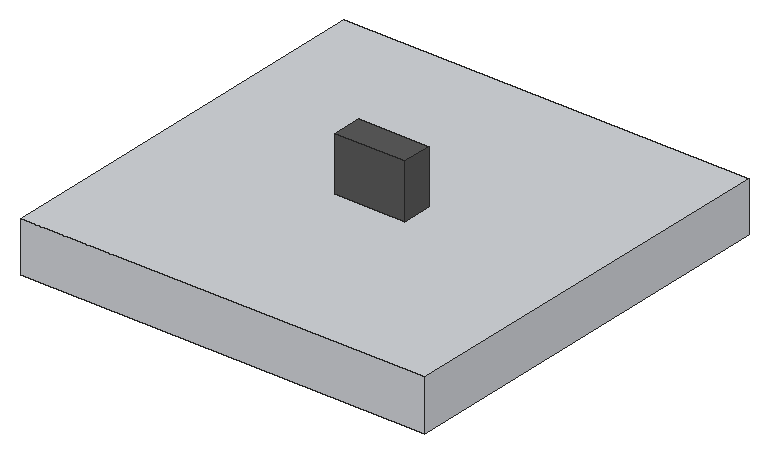
Revit family "2020.08.13", category Устройства связи, Revit 2018 (continued)
Definition of nested family "videomax_minitower"
  Lines and regions (mm)
    model lines, visible <- "Left_500", detail levels fine
      curve 1252: circle (371.93, 34.316, 0) r 1.91 normal (0, 0, 1)
      curve 1253: circle (376.044, 30.572, 0) r 1.91 normal (0, 0, 1)
      curve 1254: circle (371.93, 27.176, 0) r 1.91 normal (0, 0, 1)
      curve 1255: circle (384.48, 65.432, 0) r 1.91 normal (0, 0, 1)
      curve 1256: circle (380.366, 62.036, 0) r 1.91 normal (0, 0, 1)
      curve 1257: circle (384.48, 58.292, 0) r 1.91 normal (0, 0, 1)
      curve 1258: circle (380.366, 54.897, 0) r 1.91 normal (0, 0, 1)
      curve 1259: circle (384.48, 51.473, 0) r 1.91 normal (0, 0, 1)
      curve 1260: circle (380.366, 48.078, 0) r 1.91 normal (0, 0, 1)
      curve 1261: circle (384.48, 44.334, 0) r 1.91 normal (0, 0, 1)
      curve 1262: circle (380.366, 40.938, 0) r 1.91 normal (0, 0, 1)
      curve 1263: circle (384.48, 37.515, 0) r 1.91 normal (0, 0, 1)
      curve 1264: circle (380.366, 34.363, 0) r 1.91 normal (0, 0, 1)
      curve 1265: circle (384.48, 30.619, 0) r 1.91 normal (0, 0, 1)
      curve 1266: circle (380.366, 27.223, 0) r 1.91 normal (0, 0, 1)
      curve 1267: circle (392.707, 65.338, 0) r 1.91 normal (0, 0, 1)
      curve 1268: circle (388.594, 61.942, 0) r 1.91 normal (0, 0, 1)
      curve 1269: circle (392.707, 58.198, 0) r 1.91 normal (0, 0, 1)
      curve 1270: circle (388.594, 54.802, 0) r 1.91 normal (0, 0, 1)
      curve 1271: circle (392.707, 51.379, 0) r 1.91 normal (0, 0, 1)
      curve 1272: circle (388.594, 47.983, 0) r 1.91 normal (0, 0, 1)
      curve 1273: circle (392.707, 44.239, 0) r 1.91 normal (0, 0, 1)
      curve 1274: circle (388.594, 40.844, 0) r 1.91 normal (0, 0, 1)
      curve 1275: circle (392.707, 37.42, 0) r 1.91 normal (0, 0, 1)
      curve 1276: circle (388.594, 34.269, 0) r 1.91 normal (0, 0, 1)
      curve 1277: circle (392.707, 30.525, 0) r 1.91 normal (0, 0, 1)
      curve 1278: circle (388.594, 27.129, 0) r 1.91 normal (0, 0, 1)
      curve 1279: circle (400.935, 65.526, 0) r 1.91 normal (0, 0, 1)
      curve 1280: circle (396.821, 62.131, 0) r 1.91 normal (0, 0, 1)
      curve 1281: circle (400.935, 58.387, 0) r 1.91 normal (0, 0, 1)
      curve 1282: circle (396.821, 54.991, 0) r 1.91 normal (0, 0, 1)
      curve 1283: circle (400.935, 51.568, 0) r 1.91 normal (0, 0, 1)
      curve 1284: circle (396.821, 48.172, 0) r 1.91 normal (0, 0, 1)
      curve 1285: circle (400.935, 44.428, 0) r 1.91 normal (0, 0, 1)
      curve 1286: circle (396.821, 41.032, 0) r 1.91 normal (0, 0, 1)
      curve 1287: circle (400.935, 37.609, 0) r 1.91 normal (0, 0, 1)
      curve 1288: circle (396.821, 34.457, 0) r 1.91 normal (0, 0, 1)
      curve 1289: circle (400.935, 30.714, 0) r 1.91 normal (0, 0, 1)
      curve 1290: circle (396.821, 27.318, 0) r 1.91 normal (0, 0, 1)
      curve 1291: circle (409.162, 65.291, 0) r 1.91 normal (0, 0, 1)
      curve 1292: circle (405.049, 61.895, 0) r 1.91 normal (0, 0, 1)
      curve 1293: circle (409.162, 58.151, 0) r 1.91 normal (0, 0, 1)
      curve 1294: circle (405.049, 54.755, 0) r 1.91 normal (0, 0, 1)
      curve 1295: circle (409.162, 51.332, 0) r 1.91 normal (0, 0, 1)
      curve 1296: circle (405.049, 47.936, 0) r 1.91 normal (0, 0, 1)
      curve 1297: circle (409.162, 44.192, 0) r 1.91 normal (0, 0, 1)
      curve 1298: circle (405.049, 40.796, 0) r 1.91 normal (0, 0, 1)
      curve 1299: circle (409.162, 37.373, 0) r 1.91 normal (0, 0, 1)
      curve 1300: circle (405.049, 34.221, 0) r 1.91 normal (0, 0, 1)
      curve 1301: circle (409.162, 30.478, 0) r 1.91 normal (0, 0, 1)
      curve 1302: circle (405.049, 27.082, 0) r 1.91 normal (0, 0, 1)
      curve 1303: circle (417.39, 65.432, 0) r 1.91 normal (0, 0, 1)
      curve 1304: circle (413.276, 62.036, 0) r 1.91 normal (0, 0, 1)
      curve 1305: circle (417.39, 58.292, 0) r 1.91 normal (0, 0, 1)
      curve 1306: circle (413.276, 54.897, 0) r 1.91 normal (0, 0, 1)
      curve 1307: circle (417.39, 51.473, 0) r 1.91 normal (0, 0, 1)
      curve 1308: circle (413.276, 48.078, 0) r 1.91 normal (0, 0, 1)
      curve 1309: circle (417.39, 44.334, 0) r 1.91 normal (0, 0, 1)
      curve 1310: circle (413.276, 40.938, 0) r 1.91 normal (0, 0, 1)
      curve 1311: circle (417.39, 37.515, 0) r 1.91 normal (0, 0, 1)
      curve 1312: circle (413.276, 34.363, 0) r 1.91 normal (0, 0, 1)
      curve 1313: circle (417.39, 30.619, 0) r 1.91 normal (0, 0, 1)
      curve 1314: circle (413.276, 27.223, 0) r 1.91 normal (0, 0, 1)
      curve 1315: circle (425.617, 65.338, 0) r 1.91 normal (0, 0, 1)
      curve 1316: circle (421.503, 61.942, 0) r 1.91 normal (0, 0, 1)
      curve 1317: circle (425.617, 58.198, 0) r 1.91 normal (0, 0, 1)
      curve 1318: circle (421.503, 54.802, 0) r 1.91 normal (0, 0, 1)
      curve 1319: circle (425.617, 51.379, 0) r 1.91 normal (0, 0, 1)
      curve 1320: circle (421.503, 47.983, 0) r 1.91 normal (0, 0, 1)
      curve 1321: circle (425.617, 44.239, 0) r 1.91 normal (0, 0, 1)
      curve 1322: circle (421.503, 40.844, 0) r 1.91 normal (0, 0, 1)
      curve 1323: circle (425.617, 37.42, 0) r 1.91 normal (0, 0, 1)
      curve 1324: circle (421.503, 34.269, 0) r 1.91 normal (0, 0, 1)
      curve 1325: circle (425.617, 30.525, 0) r 1.91 normal (0, 0, 1)
      curve 1326: circle (421.503, 27.129, 0) r 1.91 normal (0, 0, 1)
      curve 1327: circle (433.798, 65.385, 0) r 1.91 normal (0, 0, 1)
      curve 1328: circle (429.684, 61.989, 0) r 1.91 normal (0, 0, 1)
      curve 1329: circle (433.798, 58.245, 0) r 1.91 normal (0, 0, 1)
      curve 1330: circle (429.684, 54.849, 0) r 1.91 normal (0, 0, 1)
      curve 1331: circle (433.798, 51.426, 0) r 1.91 normal (0, 0, 1)
      curve 1332: circle (429.684, 48.03, 0) r 1.91 normal (0, 0, 1)
      curve 1333: circle (433.798, 44.287, 0) r 1.91 normal (0, 0, 1)
      curve 1334: circle (429.684, 40.891, 0) r 1.91 normal (0, 0, 1)
      curve 1335: circle (433.798, 37.467, 0) r 1.91 normal (0, 0, 1)
      curve 1336: circle (429.684, 34.316, 0) r 1.91 normal (0, 0, 1)
      curve 1337: circle (433.798, 30.572, 0) r 1.91 normal (0, 0, 1)
      curve 1338: circle (429.684, 27.176, 0) r 1.91 normal (0, 0, 1)
      curve 1339: circle (442.026, 65.291, 0) r 1.91 normal (0, 0, 1)
      curve 1340: circle (437.912, 61.895, 0) r 1.91 normal (0, 0, 1)
      curve 1341: circle (442.026, 58.151, 0) r 1.91 normal (0, 0, 1)
      curve 1342: circle (437.912, 54.755, 0) r 1.91 normal (0, 0, 1)
      curve 1343: circle (442.026, 51.332, 0) r 1.91 normal (0, 0, 1)
      curve 1344: circle (437.912, 47.936, 0) r 1.91 normal (0, 0, 1)
      curve 1345: circle (442.026, 44.192, 0) r 1.91 normal (0, 0, 1)
      curve 1346: circle (437.912, 40.796, 0) r 1.91 normal (0, 0, 1)
      curve 1347: circle (442.026, 37.373, 0) r 1.91 normal (0, 0, 1)
      curve 1348: circle (437.912, 34.221, 0) r 1.91 normal (0, 0, 1)
      curve 1349: circle (442.026, 30.478, 0) r 1.91 normal (0, 0, 1)
      curve 1350: circle (437.912, 27.082, 0) r 1.91 normal (0, 0, 1)
      curve 1351: circle (450.253, 65.479, 0) r 1.91 normal (0, 0, 1)
      curve 1352: circle (446.139, 62.083, 0) r 1.91 normal (0, 0, 1)
      curve 1353: circle (450.253, 58.34, 0) r 1.91 normal (0, 0, 1)
      curve 1354: circle (446.139, 54.944, 0) r 1.91 normal (0, 0, 1)
      curve 1355: circle (450.253, 51.521, 0) r 1.91 normal (0, 0, 1)
      curve 1356: circle (446.139, 48.125, 0) r 1.91 normal (0, 0, 1)
      curve 1357: circle (450.253, 44.381, 0) r 1.91 normal (0, 0, 1)
      curve 1358: circle (446.139, 40.985, 0) r 1.91 normal (0, 0, 1)
      curve 1359: circle (450.253, 37.562, 0) r 1.91 normal (0, 0, 1)
      curve 1360: circle (446.139, 34.41, 0) r 1.91 normal (0, 0, 1)
      curve 1361: circle (450.253, 30.666, 0) r 1.91 normal (0, 0, 1)
      curve 1362: circle (446.139, 27.271, 0) r 1.91 normal (0, 0, 1)
      curve 1363: circle (458.481, 65.243, 0) r 1.91 normal (0, 0, 1)
      curve 1364: circle (454.367, 61.848, 0) r 1.91 normal (0, 0, 1)
      curve 1365: circle (458.481, 58.104, 0) r 1.91 normal (0, 0, 1)
      curve 1366: circle (454.367, 54.708, 0) r 1.91 normal (0, 0, 1)
      curve 1367: circle (458.481, 51.285, 0) r 1.91 normal (0, 0, 1)
      curve 1368: circle (454.367, 47.889, 0) r 1.91 normal (0, 0, 1)
      curve 1369: circle (458.481, 44.145, 0) r 1.91 normal (0, 0, 1)
      curve 1370: circle (454.367, 40.749, 0) r 1.91 normal (0, 0, 1)
      curve 1371: circle (458.481, 37.326, 0) r 1.91 normal (0, 0, 1)
      curve 1372: circle (454.367, 34.174, 0) r 1.91 normal (0, 0, 1)
      curve 1373: circle (458.481, 30.43, 0) r 1.91 normal (0, 0, 1)
      curve 1374: circle (454.367, 27.035, 0) r 1.91 normal (0, 0, 1)
      curve 1375: circle (466.708, 65.385, 0) r 1.91 normal (0, 0, 1)
      curve 1376: circle (462.594, 61.989, 0) r 1.91 normal (0, 0, 1)
      curve 1377: circle (466.708, 58.245, 0) r 1.91 normal (0, 0, 1)
      curve 1378: circle (462.594, 54.849, 0) r 1.91 normal (0, 0, 1)
      curve 1379: circle (466.708, 51.426, 0) r 1.91 normal (0, 0, 1)
      curve 1380: circle (462.594, 48.03, 0) r 1.91 normal (0, 0, 1)
      curve 1381: circle (466.708, 44.287, 0) r 1.91 normal (0, 0, 1)
      curve 1382: circle (462.594, 40.891, 0) r 1.91 normal (0, 0, 1)
      curve 1383: circle (466.708, 37.467, 0) r 1.91 normal (0, 0, 1)
      curve 1384: circle (462.594, 34.316, 0) r 1.91 normal (0, 0, 1)
      curve 1385: circle (466.708, 30.572, 0) r 1.91 normal (0, 0, 1)
      curve 1386: circle (462.594, 27.176, 0) r 1.91 normal (0, 0, 1)
      curve 1387: circle (474.935, 65.291, 0) r 1.91 normal (0, 0, 1)
      curve 1388: circle (470.822, 61.895, 0) r 1.91 normal (0, 0, 1)
      curve 1389: circle (474.935, 58.151, 0) r 1.91 normal (0, 0, 1)
      curve 1390: circle (470.822, 54.755, 0) r 1.91 normal (0, 0, 1)
      curve 1391: circle (474.935, 51.332, 0) r 1.91 normal (0, 0, 1)
      curve 1392: circle (470.822, 47.936, 0) r 1.91 normal (0, 0, 1)
      curve 1393: circle (474.935, 44.192, 0) r 1.91 normal (0, 0, 1)
      curve 1394: circle (470.822, 40.796, 0) r 1.91 normal (0, 0, 1)
      curve 1395: circle (474.935, 37.373, 0) r 1.91 normal (0, 0, 1)
      curve 1396: circle (470.822, 34.221, 0) r 1.91 normal (0, 0, 1)
      curve 1397: circle (474.935, 30.478, 0) r 1.91 normal (0, 0, 1)
      curve 1398: circle (470.822, 27.082, 0) r 1.91 normal (0, 0, 1)
      curve 1399: circle (483.163, 65.479, 0) r 1.91 normal (0, 0, 1)
      curve 1400: circle (479.049, 62.083, 0) r 1.91 normal (0, 0, 1)
      curve 1401: circle (483.163, 58.34, 0) r 1.91 normal (0, 0, 1)
      curve 1402: circle (479.049, 54.944, 0) r 1.91 normal (0, 0, 1)
      curve 1403: circle (483.163, 51.52, 0) r 1.91 normal (0, 0, 1)
      curve 1404: circle (479.049, 48.125, 0) r 1.91 normal (0, 0, 1)
      curve 1405: circle (483.163, 44.381, 0) r 1.91 normal (0, 0, 1)
      curve 1406: circle (479.049, 40.985, 0) r 1.91 normal (0, 0, 1)
      curve 1407: circle (483.163, 37.562, 0) r 1.91 normal (0, 0, 1)
      curve 1408: circle (479.049, 34.41, 0) r 1.91 normal (0, 0, 1)
      curve 1409: circle (483.163, 30.666, 0) r 1.91 normal (0, 0, 1)
      curve 1410: circle (479.049, 27.27, 0) r 1.91 normal (0, 0, 1)
      curve 1411: circle (491.39, 65.385, 0) r 1.91 normal (0, 0, 1)
      curve 1412: circle (487.277, 61.989, 0) r 1.91 normal (0, 0, 1)
      curve 1413: circle (491.39, 58.245, 0) r 1.91 normal (0, 0, 1)
      curve 1414: circle (487.277, 54.849, 0) r 1.91 normal (0, 0, 1)
      curve 1415: circle (491.39, 51.426, 0) r 1.91 normal (0, 0, 1)
      curve 1416: circle (487.277, 48.03, 0) r 1.91 normal (0, 0, 1)
      curve 1417: circle (491.39, 44.287, 0) r 1.91 normal (0, 0, 1)
      curve 1418: circle (487.277, 40.891, 0) r 1.91 normal (0, 0, 1)
      curve 1419: circle (491.39, 37.467, 0) r 1.91 normal (0, 0, 1)
      curve 1420: circle (487.277, 34.316, 0) r 1.91 normal (0, 0, 1)
      curve 1421: circle (491.39, 30.572, 0) r 1.91 normal (0, 0, 1)
      curve 1422: circle (487.277, 27.176, 0) r 1.91 normal (0, 0, 1)
      curve 1423: circle (499.618, 65.574, 0) r 1.91 normal (0, 0, 1)
      curve 1424: circle (495.504, 62.178, 0) r 1.91 normal (0, 0, 1)
      curve 1425: circle (499.618, 58.434, 0) r 1.91 normal (0, 0, 1)
      curve 1426: circle (495.504, 55.038, 0) r 1.91 normal (0, 0, 1)
      curve 1427: circle (499.618, 51.615, 0) r 1.91 normal (0, 0, 1)
      curve 1428: circle (495.504, 48.219, 0) r 1.91 normal (0, 0, 1)
      curve 1429: circle (499.618, 44.475, 0) r 1.91 normal (0, 0, 1)
      curve 1430: circle (495.504, 41.079, 0) r 1.91 normal (0, 0, 1)
      curve 1431: circle (499.618, 37.656, 0) r 1.91 normal (0, 0, 1)
      curve 1432: circle (495.504, 34.504, 0) r 1.91 normal (0, 0, 1)
      curve 1433: circle (499.618, 30.761, 0) r 1.91 normal (0, 0, 1)
      curve 1434: circle (495.504, 27.365, 0) r 1.91 normal (0, 0, 1)
      curve 1435: circle (507.845, 65.338, 0) r 1.91 normal (0, 0, 1)
      curve 1436: circle (503.732, 61.942, 0) r 1.91 normal (0, 0, 1)
      curve 1437: circle (507.845, 58.198, 0) r 1.91 normal (0, 0, 1)
      curve 1438: circle (503.732, 54.802, 0) r 1.91 normal (0, 0, 1)
      curve 1439: circle (507.845, 51.379, 0) r 1.91 normal (0, 0, 1)
      curve 1440: circle (503.732, 47.983, 0) r 1.91 normal (0, 0, 1)
      curve 1441: circle (507.845, 44.239, 0) r 1.91 normal (0, 0, 1)
      curve 1442: circle (503.732, 40.844, 0) r 1.91 normal (0, 0, 1)
      curve 1443: circle (507.845, 37.42, 0) r 1.91 normal (0, 0, 1)
      curve 1444: circle (503.732, 34.269, 0) r 1.91 normal (0, 0, 1)
      curve 1445: circle (507.845, 30.525, 0) r 1.91 normal (0, 0, 1)
      curve 1446: circle (503.732, 27.129, 0) r 1.91 normal (0, 0, 1)
      curve 1447: circle (516.073, 65.479, 0) r 1.91 normal (0, 0, 1)
      curve 1448: circle (511.959, 62.083, 0) r 1.91 normal (0, 0, 1)
      curve 1449: circle (516.073, 58.34, 0) r 1.91 normal (0, 0, 1)
      curve 1450: circle (511.959, 54.944, 0) r 1.91 normal (0, 0, 1)
      curve 1451: circle (516.073, 51.52, 0) r 1.91 normal (0, 0, 1)
      curve 1452: circle (511.959, 48.125, 0) r 1.91 normal (0, 0, 1)
      curve 1453: circle (516.073, 44.381, 0) r 1.91 normal (0, 0, 1)
      curve 1454: circle (511.959, 40.985, 0) r 1.91 normal (0, 0, 1)
      curve 1455: circle (516.073, 37.562, 0) r 1.91 normal (0, 0, 1)
      curve 1456: circle (511.959, 34.41, 0) r 1.91 normal (0, 0, 1)
      curve 1457: circle (516.073, 30.666, 0) r 1.91 normal (0, 0, 1)
      curve 1458: circle (511.959, 27.27, 0) r 1.91 normal (0, 0, 1)
      curve 1459: circle (524.3, 65.385, 0) r 1.91 normal (0, 0, 1)
      curve 1460: circle (520.186, 61.989, 0) r 1.91 normal (0, 0, 1)
      curve 1461: circle (524.3, 58.245, 0) r 1.91 normal (0, 0, 1)
      curve 1462: circle (520.186, 54.849, 0) r 1.91 normal (0, 0, 1)
      curve 1463: circle (524.3, 51.426, 0) r 1.91 normal (0, 0, 1)
      curve 1464: circle (520.186, 48.03, 0) r 1.91 normal (0, 0, 1)
      curve 1465: circle (524.3, 44.287, 0) r 1.91 normal (0, 0, 1)
      curve 1466: circle (520.186, 40.891, 0) r 1.91 normal (0, 0, 1)
      curve 1467: circle (524.3, 37.467, 0) r 1.91 normal (0, 0, 1)
      curve 1468: circle (520.186, 34.316, 0) r 1.91 normal (0, 0, 1)
      curve 1469: circle (524.3, 30.572, 0) r 1.91 normal (0, 0, 1)
      curve 1470: circle (520.186, 27.176, 0) r 1.91 normal (0, 0, 1)
      curve 1471: circle (532.736, 65.432, 0) r 1.91 normal (0, 0, 1)
      curve 1472: circle (528.622, 62.036, 0) r 1.91 normal (0, 0, 1)
      curve 1473: circle (532.736, 58.292, 0) r 1.91 normal (0, 0, 1)
      curve 1474: circle (528.622, 54.897, 0) r 1.91 normal (0, 0, 1)
      curve 1475: circle (532.736, 51.473, 0) r 1.91 normal (0, 0, 1)
      curve 1476: circle (528.622, 48.078, 0) r 1.91 normal (0, 0, 1)
      curve 1477: circle (532.736, 44.334, 0) r 1.91 normal (0, 0, 1)
      curve 1478: circle (528.622, 40.938, 0) r 1.91 normal (0, 0, 1)
      curve 1479: circle (532.736, 37.515, 0) r 1.91 normal (0, 0, 1)
      curve 1480: circle (528.622, 34.363, 0) r 1.91 normal (0, 0, 1)
      curve 1481: circle (532.736, 30.619, 0) r 1.91 normal (0, 0, 1)
      curve 1482: circle (528.622, 27.223, 0) r 1.91 normal (0, 0, 1)
      curve 1483: circle (540.963, 65.338, 0) r 1.91 normal (0, 0, 1)
      curve 1484: circle (536.85, 61.942, 0) r 1.91 normal (0, 0, 1)
      curve 1485: circle (540.963, 58.198, 0) r 1.91 normal (0, 0, 1)
      curve 1486: circle (536.85, 54.802, 0) r 1.91 normal (0, 0, 1)
      curve 1487: circle (540.963, 51.379, 0) r 1.91 normal (0, 0, 1)
      curve 1488: circle (536.85, 47.983, 0) r 1.91 normal (0, 0, 1)
      curve 1489: circle (540.963, 44.239, 0) r 1.91 normal (0, 0, 1)
      curve 1490: circle (536.85, 40.844, 0) r 1.91 normal (0, 0, 1)
      curve 1491: circle (540.963, 37.42, 0) r 1.91 normal (0, 0, 1)
      curve 1492: circle (536.85, 34.269, 0) r 1.91 normal (0, 0, 1)
      curve 1493: circle (540.963, 30.525, 0) r 1.91 normal (0, 0, 1)
      curve 1494: circle (536.85, 27.129, 0) r 1.91 normal (0, 0, 1)
      curve 1495: circle (549.191, 65.526, 0) r 1.91 normal (0, 0, 1)
      curve 1496: circle (545.077, 62.131, 0) r 1.91 normal (0, 0, 1)
      curve 1497: circle (549.191, 58.387, 0) r 1.91 normal (0, 0, 1)
      curve 1498: circle (545.077, 54.991, 0) r 1.91 normal (0, 0, 1)
      curve 1499: circle (549.191, 51.568, 0) r 1.91 normal (0, 0, 1)
      curve 1500: circle (545.077, 48.172, 0) r 1.91 normal (0, 0, 1)
      curve 1501: circle (549.191, 44.428, 0) r 1.91 normal (0, 0, 1)
      curve 1502: circle (545.077, 41.032, 0) r 1.91 normal (0, 0, 1)
      curve 1503: circle (549.191, 37.609, 0) r 1.91 normal (0, 0, 1)
      curve 1504: circle (545.077, 34.457, 0) r 1.91 normal (0, 0, 1)
      curve 1505: circle (549.191, 30.714, 0) r 1.91 normal (0, 0, 1)
      curve 1506: circle (545.077, 27.318, 0) r 1.91 normal (0, 0, 1)
      curve 1507: circle (557.418, 65.291, 0) r 1.91 normal (0, 0, 1)
      curve 1508: circle (553.305, 61.895, 0) r 1.91 normal (0, 0, 1)
      curve 1509: circle (557.418, 58.151, 0) r 1.91 normal (0, 0, 1)
      curve 1510: circle (553.305, 54.755, 0) r 1.91 normal (0, 0, 1)
      curve 1511: circle (557.418, 51.332, 0) r 1.91 normal (0, 0, 1)
      curve 1512: circle (553.305, 47.936, 0) r 1.91 normal (0, 0, 1)
      curve 1513: circle (557.418, 44.192, 0) r 1.91 normal (0, 0, 1)
      curve 1514: circle (553.305, 40.796, 0) r 1.91 normal (0, 0, 1)
      curve 1515: circle (557.418, 37.373, 0) r 1.91 normal (0, 0, 1)
      curve 1516: circle (553.305, 34.221, 0) r 1.91 normal (0, 0, 1)
      curve 1517: circle (557.418, 30.478, 0) r 1.91 normal (0, 0, 1)
      curve 1518: circle (553.305, 27.082, 0) r 1.91 normal (0, 0, 1)
      curve 1519: circle (565.646, 65.432, 0) r 1.91 normal (0, 0, 1)
      curve 1520: circle (561.532, 62.036, 0) r 1.91 normal (0, 0, 1)
      curve 1521: circle (565.646, 58.292, 0) r 1.91 normal (0, 0, 1)
      curve 1522: circle (561.532, 54.897, 0) r 1.91 normal (0, 0, 1)
      curve 1523: circle (565.646, 51.473, 0) r 1.91 normal (0, 0, 1)
      curve 1524: circle (561.532, 48.078, 0) r 1.91 normal (0, 0, 1)
      curve 1525: circle (565.646, 44.334, 0) r 1.91 normal (0, 0, 1)
      curve 1526: circle (561.532, 40.938, 0) r 1.91 normal (0, 0, 1)
      curve 1527: circle (565.646, 37.515, 0) r 1.91 normal (0, 0, 1)
      curve 1528: circle (561.532, 34.363, 0) r 1.91 normal (0, 0, 1)
      curve 1529: circle (565.646, 30.619, 0) r 1.91 normal (0, 0, 1)
      curve 1530: circle (561.532, 27.223, 0) r 1.91 normal (0, 0, 1)
      curve 1531: circle (573.873, 65.338, 0) r 1.91 normal (0, 0, 1)
      curve 1532: circle (569.76, 61.942, 0) r 1.91 normal (0, 0, 1)
      curve 1533: circle (573.873, 58.198, 0) r 1.91 normal (0, 0, 1)
      curve 1534: circle (569.76, 54.802, 0) r 1.91 normal (0, 0, 1)
      curve 1535: circle (573.873, 51.379, 0) r 1.91 normal (0, 0, 1)
      curve 1536: circle (569.76, 47.983, 0) r 1.91 normal (0, 0, 1)
      curve 1537: circle (573.873, 44.239, 0) r 1.91 normal (0, 0, 1)
      curve 1538: circle (569.76, 40.844, 0) r 1.91 normal (0, 0, 1)
      curve 1539: circle (573.873, 37.42, 0) r 1.91 normal (0, 0, 1)
      curve 1540: circle (569.76, 34.269, 0) r 1.91 normal (0, 0, 1)
      curve 1541: circle (573.873, 30.525, 0) r 1.91 normal (0, 0, 1)
      curve 1542: circle (569.76, 27.129, 0) r 1.91 normal (0, 0, 1)
      curve 1543: circle (317.403, 209.758, 0) r 4.572 normal (0, 0, 1)
      curve 1544: circle (425.138, 209.758, 0) r 4.572 normal (0, 0, 1)
      curve 1545: circle (425.138, 102.042, 0) r 4.572 normal (0, 0, 1)
      curve 1546: circle (317.403, 102.252, 0) r 4.572 normal (0, 0, 1)
      curve 1547: arc (331.763, 192.533, 0) -> (317.397, 155.913, 0) -> (331.763, 119.292, 0) r 53.857
      curve 1548: arc (337.734, 125.263, 0) -> (325.836, 155.913, 0) -> (337.734, 186.562, 0) r 45.427
      curve 1549: arc (349.443, 174.853, 0) -> (344.195, 166.022, 0) -> (342.369, 155.913, 0) r 28.894
      curve 1550: arc (342.369, 155.913, 0) -> (344.195, 145.803, 0) -> (349.442, 136.972, 0) r 28.894
      curve 1551: arc (354.03, 141.56, 0) -> (350.175, 148.281, 0) -> (348.836, 155.913, 0) r 22.427
      curve 1552: arc (348.836, 155.913, 0) -> (350.175, 163.545, 0) -> (354.03, 170.265, 0) r 22.427
      curve 1553: arc (340.82, 183.476, 0) -> (332.944, 170.683, 0) -> (330.196, 155.913, 0) r 41.067
      curve 1554: arc (330.196, 155.913, 0) -> (332.944, 141.143, 0) -> (340.82, 128.349, 0) r 41.067
      curve 1555: arc (346.796, 134.325, 0) -> (340.743, 144.373, 0) -> (338.634, 155.913, 0) r 32.629
      curve 1556: arc (338.634, 155.913, 0) -> (340.743, 167.452, 0) -> (346.796, 177.5, 0) r 32.629
      curve 1557: arc (410.763, 192.533, 0) -> (425.129, 155.913, 0) -> (410.763, 119.292, 0) r 53.857
      curve 1558: arc (404.792, 125.263, 0) -> (416.69, 155.913, 0) -> (404.792, 186.562, 0) r 45.427
      curve 1559: arc (393.083, 174.853, 0) -> (398.331, 166.022, 0) -> (400.157, 155.913, 0) r 28.894
      curve 1560: arc (400.157, 155.913, 0) -> (398.331, 145.803, 0) -> (393.084, 136.972, 0) r 28.894
      curve 1561: arc (388.496, 141.56, 0) -> (392.351, 148.281, 0) -> (393.69, 155.913, 0) r 22.427
      curve 1562: arc (393.69, 155.913, 0) -> (392.351, 163.545, 0) -> (388.496, 170.265, 0) r 22.427
      curve 1563: arc (401.706, 183.476, 0) -> (409.582, 170.683, 0) -> (412.33, 155.913, 0) r 41.067
      curve 1564: arc (412.33, 155.913, 0) -> (409.582, 141.143, 0) -> (401.706, 128.349, 0) r 41.067
      curve 1565: arc (395.73, 134.325, 0) -> (401.783, 144.373, 0) -> (403.892, 155.913, 0) r 32.629
      curve 1566: arc (403.892, 155.913, 0) -> (401.783, 167.452, 0) -> (395.73, 177.5, 0) r 32.629
      curve 1567: arc (407.883, 116.413, 0) -> (371.263, 102.047, 0) -> (334.643, 116.413, 0) r 53.857
      curve 1568: arc (340.614, 122.383, 0) -> (371.263, 110.486, 0) -> (401.913, 122.383, 0) r 45.427
      curve 1569: arc (390.204, 134.092, 0) -> (381.372, 128.844, 0) -> (371.263, 127.018, 0) r 28.894
      curve 1570: arc (371.263, 127.018, 0) -> (361.154, 128.844, 0) -> (352.322, 134.092, 0) r 28.894
      curve 1571: arc (356.91, 138.68, 0) -> (363.631, 134.824, 0) -> (371.263, 133.486, 0) r 22.427
      curve 1572: arc (371.263, 133.486, 0) -> (378.895, 134.824, 0) -> (385.616, 138.68, 0) r 22.427
      curve 1573: arc (398.826, 125.469, 0) -> (386.033, 117.593, 0) -> (371.263, 114.845, 0) r 41.067
      curve 1574: arc (371.263, 114.845, 0) -> (356.493, 117.593, 0) -> (343.7, 125.469, 0) r 41.067
      curve 1575: arc (349.676, 131.445, 0) -> (359.724, 125.392, 0) -> (371.263, 123.284, 0) r 32.629
      curve 1576: arc (371.263, 123.284, 0) -> (382.802, 125.392, 0) -> (392.85, 131.446, 0) r 32.629
      curve 1577: arc (407.883, 195.412, 0) -> (371.263, 209.778, 0) -> (334.643, 195.413, 0) r 53.857
      curve 1578: arc (340.614, 189.442, 0) -> (371.263, 201.339, 0) -> (401.913, 189.442, 0) r 45.427
      curve 1579: arc (390.204, 177.733, 0) -> (381.372, 182.981, 0) -> (371.263, 184.807, 0) r 28.894
      curve 1580: arc (371.263, 184.807, 0) -> (361.154, 182.981, 0) -> (352.322, 177.733, 0) r 28.894
      curve 1581: arc (356.91, 173.145, 0) -> (363.631, 177.001, 0) -> (371.263, 178.339, 0) r 22.427
      curve 1582: arc (371.263, 178.339, 0) -> (378.895, 177.001, 0) -> (385.616, 173.145, 0) r 22.427
      curve 1583: arc (398.826, 186.356, 0) -> (386.033, 194.232, 0) -> (371.263, 196.98, 0) r 41.067
      curve 1584: arc (371.263, 196.98, 0) -> (356.493, 194.232, 0) -> (343.7, 186.356, 0) r 41.067
      curve 1585: arc (349.676, 180.38, 0) -> (359.724, 186.433, 0) -> (371.263, 188.541, 0) r 32.629
      curve 1586: arc (371.263, 188.541, 0) -> (382.802, 186.433, 0) -> (392.85, 180.379, 0) r 32.629
      curve 1587: line (639.2, 325, 0) -> (248.216, 325, 0)
      curve 1588: line (248.216, 325, 0) -> (673.215, 325, 0)
      curve 1589: line (673.215, 325, 0) -> (673.215, 0, 0)
      curve 1590: line (673.215, 0, 0) -> (248.216, 0, 0)
      curve 1591: line (248.216, 0, 0) -> (248.216, 325, 0)
      curve 1592: line (248.216, 316.704, 0) -> (639.2, 316.704, 0)
      curve 1593: line (673.216, 316.85, 0) -> (673.216, 0, 0)
      curve 1594: line (673.216, 0, 0) -> (639.2, 0, 0)
      curve 1595: line (639.2, 0, 0) -> (639.2, 325, 0)
      curve 1596: line (311.466, 95.911, 0) -> (431.466, 95.911, 0)
      curve 1597: line (431.466, 95.911, 0) -> (431.466, 215.911, 0)
      curve 1598: line (431.466, 215.911, 0) -> (311.466, 215.911, 0)
      curve 1599: line (311.466, 215.911, 0) -> (311.466, 95.911, 0)
      curve 1600: line (337.734, 186.562, 0) -> (331.763, 192.533, 0)
      curve 1601: line (331.763, 119.292, 0) -> (337.734, 125.263, 0)
      curve 1602: line (354.03, 170.265, 0) -> (349.443, 174.853, 0)
      curve 1603: line (349.442, 136.972, 0) -> (354.03, 141.56, 0)
      curve 1604: line (346.796, 177.5, 0) -> (340.82, 183.476, 0)
      curve 1605: line (340.82, 128.349, 0) -> (346.796, 134.325, 0)
      curve 1606: line (404.792, 186.562, 0) -> (410.763, 192.533, 0)
      curve 1607: line (410.763, 119.292, 0) -> (404.792, 125.263, 0)
      curve 1608: line (388.496, 170.265, 0) -> (393.083, 174.853, 0)
      curve 1609: line (393.084, 136.972, 0) -> (388.496, 141.56, 0)
      curve 1610: line (395.73, 177.5, 0) -> (401.706, 183.476, 0)
      curve 1611: line (401.706, 128.349, 0) -> (395.73, 134.325, 0)
      curve 1612: line (401.913, 122.383, 0) -> (407.883, 116.413, 0)
      curve 1613: line (334.643, 116.413, 0) -> (340.614, 122.383, 0)
      curve 1614: line (385.616, 138.68, 0) -> (390.204, 134.092, 0)
      curve 1615: line (352.322, 134.092, 0) -> (356.91, 138.68, 0)
      curve 1616: line (392.85, 131.446, 0) -> (398.826, 125.469, 0)
      curve 1617: line (343.7, 125.469, 0) -> (349.676, 131.445, 0)
      curve 1618: line (401.913, 189.442, 0) -> (407.883, 195.412, 0)
      curve 1619: line (334.643, 195.413, 0) -> (340.614, 189.442, 0)
      curve 1620: line (385.616, 173.145, 0) -> (390.204, 177.733, 0)
      curve 1621: line (352.322, 177.733, 0) -> (356.91, 173.145, 0)
      curve 1622: line (392.85, 180.379, 0) -> (398.826, 186.356, 0)
      curve 1623: line (343.7, 186.356, 0) -> (349.676, 180.38, 0)
    model lines, visible <- "Back_500", detail levels fine
      curve 477: arc (-4.145, 293.734, 0) -> (-13.724, 269.317, 0) -> (-4.145, 244.899, 0) r 35.911
      curve 478: arc (-0.164, 248.88, 0) -> (-8.097, 269.317, 0) -> (-0.164, 289.753, 0) r 30.29
      curve 479: arc (7.643, 281.946, 0) -> (4.144, 276.057, 0) -> (2.926, 269.317, 0) r 19.266
      curve 480: arc (2.926, 269.317, 0) -> (4.144, 262.576, 0) -> (7.643, 256.687, 0) r 19.266
      curve 481: arc (10.702, 259.746, 0) -> (8.131, 264.228, 0) -> (7.239, 269.317, 0) r 14.954
      curve 482: arc (7.239, 269.317, 0) -> (8.131, 274.405, 0) -> (10.702, 278.887, 0) r 14.954
      curve 483: arc (1.894, 287.695, 0) -> (-3.358, 279.165, 0) -> (-5.191, 269.317, 0) r 27.383
      curve 484: arc (-5.191, 269.317, 0) -> (-3.358, 259.468, 0) -> (1.893, 250.938, 0) r 27.383
      curve 485: arc (5.878, 254.923, 0) -> (1.842, 261.622, 0) -> (0.436, 269.317, 0) r 21.756
      curve 486: arc (0.436, 269.317, 0) -> (1.842, 277.011, 0) -> (5.878, 283.711, 0) r 21.756
      curve 487: arc (48.53, 293.734, 0) -> (58.109, 269.317, 0) -> (48.53, 244.899, 0) r 35.911
      curve 488: arc (44.549, 248.88, 0) -> (52.482, 269.317, 0) -> (44.549, 289.753, 0) r 30.29
      curve 489: arc (36.742, 281.946, 0) -> (40.241, 276.057, 0) -> (41.459, 269.317, 0) r 19.266
      curve 490: arc (41.459, 269.317, 0) -> (40.241, 262.576, 0) -> (36.742, 256.687, 0) r 19.266
      curve 491: arc (33.683, 259.746, 0) -> (36.254, 264.228, 0) -> (37.146, 269.317, 0) r 14.954
      curve 492: arc (37.146, 269.317, 0) -> (36.254, 274.405, 0) -> (33.683, 278.887, 0) r 14.954
      curve 493: arc (42.491, 287.695, 0) -> (47.743, 279.165, 0) -> (49.575, 269.317, 0) r 27.383
      curve 494: arc (49.575, 269.317, 0) -> (47.743, 259.468, 0) -> (42.491, 250.938, 0) r 27.383
      curve 495: arc (38.507, 254.923, 0) -> (42.543, 261.622, 0) -> (43.949, 269.317, 0) r 21.756
      curve 496: arc (43.949, 269.317, 0) -> (42.543, 277.011, 0) -> (38.507, 283.711, 0) r 21.756
      curve 497: arc (46.61, 242.979, 0) -> (22.192, 233.4, 0) -> (-2.225, 242.979, 0) r 35.911
      curve 498: arc (1.756, 246.96, 0) -> (22.192, 239.027, 0) -> (42.629, 246.96, 0) r 30.29
      curve 499: arc (34.822, 254.767, 0) -> (28.933, 251.268, 0) -> (22.192, 250.05, 0) r 19.266
      curve 500: arc (22.192, 250.05, 0) -> (15.452, 251.268, 0) -> (9.563, 254.767, 0) r 19.266
      curve 501: arc (12.622, 257.826, 0) -> (17.104, 255.255, 0) -> (22.192, 254.363, 0) r 14.954
      curve 502: arc (22.192, 254.363, 0) -> (27.281, 255.255, 0) -> (31.763, 257.826, 0) r 14.954
      curve 503: arc (40.571, 249.018, 0) -> (32.041, 243.766, 0) -> (22.192, 241.934, 0) r 27.383
      curve 504: arc (22.192, 241.934, 0) -> (12.344, 243.766, 0) -> (3.814, 249.018, 0) r 27.383
      curve 505: arc (7.799, 253.002, 0) -> (14.498, 248.966, 0) -> (22.192, 247.56, 0) r 21.756
      curve 506: arc (22.192, 247.56, 0) -> (29.887, 248.966, 0) -> (36.586, 253.002, 0) r 21.756
      curve 507: arc (46.61, 295.654, 0) -> (22.192, 305.233, 0) -> (-2.225, 295.654, 0) r 35.911
      curve 508: arc (1.756, 291.673, 0) -> (22.192, 299.606, 0) -> (42.629, 291.673, 0) r 30.29
      curve 509: arc (34.822, 283.866, 0) -> (28.933, 287.365, 0) -> (22.192, 288.583, 0) r 19.266
      curve 510: arc (22.192, 288.583, 0) -> (15.452, 287.365, 0) -> (9.563, 283.866, 0) r 19.266
      curve 511: arc (12.622, 280.807, 0) -> (17.104, 283.378, 0) -> (22.192, 284.27, 0) r 14.954
      curve 512: arc (22.192, 284.27, 0) -> (27.281, 283.378, 0) -> (31.763, 280.807, 0) r 14.954
      curve 513: arc (40.571, 289.615, 0) -> (32.041, 294.867, 0) -> (22.192, 296.699, 0) r 27.383
      curve 514: arc (22.192, 296.699, 0) -> (12.344, 294.867, 0) -> (3.814, 289.616, 0) r 27.383
      curve 515: arc (7.799, 285.631, 0) -> (14.498, 289.667, 0) -> (22.192, 291.073, 0) r 21.756
      curve 516: arc (22.192, 291.073, 0) -> (29.887, 289.667, 0) -> (36.586, 285.631, 0) r 21.756
      curve 517: arc (12.293, 172.093, 0) -> (2.714, 147.676, 0) -> (12.293, 123.258, 0) r 35.911
      curve 518: arc (16.274, 127.239, 0) -> (8.341, 147.676, 0) -> (16.274, 168.112, 0) r 30.29
      curve 519: arc (24.082, 160.305, 0) -> (20.583, 154.416, 0) -> (19.365, 147.676, 0) r 19.266
      curve 520: arc (19.365, 147.676, 0) -> (20.582, 140.935, 0) -> (24.081, 135.046, 0) r 19.266
      curve 521: arc (27.141, 138.105, 0) -> (24.57, 142.587, 0) -> (23.677, 147.676, 0) r 14.954
      curve 522: arc (23.677, 147.676, 0) -> (24.57, 152.764, 0) -> (27.141, 157.246, 0) r 14.954
      curve 523: arc (18.332, 166.054, 0) -> (13.08, 157.524, 0) -> (11.248, 147.676, 0) r 27.383
      curve 524: arc (11.248, 147.676, 0) -> (13.08, 137.827, 0) -> (18.332, 129.297, 0) r 27.383
      curve 525: arc (22.317, 133.282, 0) -> (18.281, 139.981, 0) -> (16.875, 147.676, 0) r 21.756
      curve 526: arc (16.875, 147.676, 0) -> (18.281, 155.37, 0) -> (22.317, 162.07, 0) r 21.756
      curve 527: arc (64.969, 172.093, 0) -> (74.548, 147.676, 0) -> (64.969, 123.258, 0) r 35.911
      curve 528: arc (60.988, 127.239, 0) -> (68.921, 147.676, 0) -> (60.988, 168.112, 0) r 30.29
      curve 529: arc (53.18, 160.305, 0) -> (56.68, 154.416, 0) -> (57.897, 147.676, 0) r 19.266
      curve 530: arc (57.897, 147.676, 0) -> (56.68, 140.935, 0) -> (53.181, 135.046, 0) r 19.266
      curve 531: arc (50.122, 138.105, 0) -> (52.692, 142.587, 0) -> (53.585, 147.676, 0) r 14.954
      curve 532: arc (53.585, 147.676, 0) -> (52.692, 152.764, 0) -> (50.121, 157.246, 0) r 14.954
      curve 533: arc (58.93, 166.054, 0) -> (64.182, 157.524, 0) -> (66.014, 147.676, 0) r 27.383
      curve 534: arc (66.014, 147.676, 0) -> (64.182, 137.827, 0) -> (58.93, 129.297, 0) r 27.383
      curve 535: arc (54.945, 133.282, 0) -> (58.981, 139.981, 0) -> (60.387, 147.676, 0) r 21.756
      curve 536: arc (60.387, 147.676, 0) -> (58.981, 155.37, 0) -> (54.945, 162.07, 0) r 21.756
      curve 537: arc (63.049, 121.338, 0) -> (38.631, 111.759, 0) -> (14.213, 121.338, 0) r 35.911
      curve 538: arc (18.195, 125.319, 0) -> (38.631, 117.386, 0) -> (59.068, 125.319, 0) r 30.29
      curve 539: arc (51.26, 133.126, 0) -> (45.372, 129.627, 0) -> (38.631, 128.409, 0) r 19.266
      curve 540: arc (38.631, 128.409, 0) -> (31.89, 129.627, 0) -> (26.002, 133.126, 0) r 19.266
      curve 541: arc (29.061, 136.185, 0) -> (33.542, 133.614, 0) -> (38.631, 132.722, 0) r 14.954
      curve 542: arc (38.631, 132.722, 0) -> (43.72, 133.614, 0) -> (48.201, 136.185, 0) r 14.954
      curve 543: arc (57.01, 127.377, 0) -> (48.479, 122.125, 0) -> (38.631, 120.293, 0) r 27.383
      curve 544: arc (38.631, 120.293, 0) -> (28.783, 122.125, 0) -> (20.252, 127.377, 0) r 27.383
      curve 545: arc (24.237, 131.361, 0) -> (30.937, 127.325, 0) -> (38.631, 125.919, 0) r 21.756
      curve 546: arc (38.631, 125.919, 0) -> (46.325, 127.325, 0) -> (53.025, 131.361, 0) r 21.756
      curve 547: arc (63.049, 174.013, 0) -> (38.631, 183.592, 0) -> (14.213, 174.013, 0) r 35.911
      curve 548: arc (18.195, 170.032, 0) -> (38.631, 177.965, 0) -> (59.068, 170.032, 0) r 30.29
      curve 549: arc (51.26, 162.225, 0) -> (45.372, 165.724, 0) -> (38.631, 166.942, 0) r 19.266
      curve 550: arc (38.631, 166.942, 0) -> (31.89, 165.724, 0) -> (26.002, 162.225, 0) r 19.266
      curve 551: arc (29.061, 159.166, 0) -> (33.542, 161.737, 0) -> (38.631, 162.629, 0) r 14.954
      curve 552: arc (38.631, 162.629, 0) -> (43.72, 161.737, 0) -> (48.201, 159.166, 0) r 14.954
      curve 553: arc (57.01, 167.974, 0) -> (48.479, 173.226, 0) -> (38.631, 175.058, 0) r 27.383
      curve 554: arc (38.631, 175.058, 0) -> (28.783, 173.226, 0) -> (20.252, 167.975, 0) r 27.383
      curve 555: arc (24.237, 163.99, 0) -> (30.937, 168.026, 0) -> (38.631, 169.432, 0) r 21.756
      curve 556: arc (38.631, 169.432, 0) -> (46.325, 168.026, 0) -> (53.025, 163.99, 0) r 21.756
      curve 557: circle (44.815, 66.389, 0) r 1.962 normal (0, 0, 1)
      curve 558: circle (48.211, 62.275, 0) r 1.962 normal (0, 0, 1)
      curve 559: circle (51.955, 66.389, 0) r 1.962 normal (0, 0, 1)
      curve 560: circle (44.91, 58.161, 0) r 1.962 normal (0, 0, 1)
      curve 561: circle (52.049, 58.161, 0) r 1.962 normal (0, 0, 1)
      curve 562: circle (55.351, 62.275, 0) r 1.962 normal (0, 0, 1)
      curve 563: circle (58.774, 66.389, 0) r 1.962 normal (0, 0, 1)
      curve 564: circle (65.914, 66.389, 0) r 1.962 normal (0, 0, 1)
      curve 565: circle (62.17, 62.275, 0) r 1.962 normal (0, 0, 1)
      curve 566: circle (69.309, 62.275, 0) r 1.962 normal (0, 0, 1)
      curve 567: circle (58.868, 58.161, 0) r 1.962 normal (0, 0, 1)
      curve 568: circle (66.008, 58.161, 0) r 1.962 normal (0, 0, 1)
      curve 569: circle (48.305, 54.048, 0) r 1.962 normal (0, 0, 1)
      curve 570: circle (45.004, 49.934, 0) r 1.962 normal (0, 0, 1)
      curve 571: circle (52.143, 49.934, 0) r 1.962 normal (0, 0, 1)
      curve 572: circle (55.445, 54.048, 0) r 1.962 normal (0, 0, 1)
      curve 573: circle (62.264, 54.048, 0) r 1.962 normal (0, 0, 1)
      curve 574: circle (69.404, 54.048, 0) r 1.962 normal (0, 0, 1)
      curve 575: circle (58.963, 49.934, 0) r 1.962 normal (0, 0, 1)
      curve 576: circle (66.102, 49.934, 0) r 1.962 normal (0, 0, 1)
      curve 577: circle (48.4, 45.82, 0) r 1.962 normal (0, 0, 1)
      curve 578: circle (45.098, 41.707, 0) r 1.962 normal (0, 0, 1)
      curve 579: circle (52.238, 41.707, 0) r 1.962 normal (0, 0, 1)
      curve 580: circle (55.539, 45.82, 0) r 1.962 normal (0, 0, 1)
      curve 581: circle (62.358, 45.82, 0) r 1.962 normal (0, 0, 1)
      curve 582: circle (69.498, 45.82, 0) r 1.962 normal (0, 0, 1)
      curve 583: circle (59.057, 41.707, 0) r 1.962 normal (0, 0, 1)
      curve 584: circle (66.196, 41.707, 0) r 1.962 normal (0, 0, 1)
      curve 585: circle (48.494, 37.593, 0) r 1.962 normal (0, 0, 1)
      curve 586: circle (45.192, 33.479, 0) r 1.962 normal (0, 0, 1)
      curve 587: circle (52.332, 33.479, 0) r 1.962 normal (0, 0, 1)
      curve 588: circle (55.634, 37.593, 0) r 1.962 normal (0, 0, 1)
      curve 589: circle (62.453, 37.593, 0) r 1.962 normal (0, 0, 1)
      curve 590: circle (69.592, 37.593, 0) r 1.962 normal (0, 0, 1)
      curve 591: circle (59.151, 33.479, 0) r 1.962 normal (0, 0, 1)
      curve 592: circle (66.291, 33.479, 0) r 1.962 normal (0, 0, 1)
      curve 593: circle (48.211, 29.365, 0) r 1.962 normal (0, 0, 1)
      curve 594: circle (44.91, 25.251, 0) r 1.962 normal (0, 0, 1)
      curve 595: circle (52.049, 25.251, 0) r 1.962 normal (0, 0, 1)
      curve 596: circle (55.351, 29.365, 0) r 1.962 normal (0, 0, 1)
      curve 597: circle (62.17, 29.365, 0) r 1.962 normal (0, 0, 1)
      curve 598: circle (69.309, 29.365, 0) r 1.962 normal (0, 0, 1)
      curve 599: circle (58.868, 25.251, 0) r 1.962 normal (0, 0, 1)
      curve 600: circle (66.008, 25.251, 0) r 1.962 normal (0, 0, 1)
      curve 601: circle (48.305, 21.138, 0) r 1.962 normal (0, 0, 1)
      curve 602: circle (45.004, 17.024, 0) r 1.962 normal (0, 0, 1)
      curve 603: circle (52.143, 17.024, 0) r 1.962 normal (0, 0, 1)
      curve 604: circle (55.445, 21.138, 0) r 1.962 normal (0, 0, 1)
      curve 605: circle (62.264, 21.138, 0) r 1.962 normal (0, 0, 1)
      curve 606: circle (69.404, 21.138, 0) r 1.962 normal (0, 0, 1)
      curve 607: circle (58.963, 17.024, 0) r 1.962 normal (0, 0, 1)
      curve 608: circle (66.102, 17.024, 0) r 1.962 normal (0, 0, 1)
      curve 609: circle (-59.477, 46.164, 0) r 1.962 normal (0, 0, 1)
      curve 610: circle (-54.946, 49.974, 0) r 1.962 normal (0, 0, 1)
      curve 611: circle (-50.416, 46.27, 0) r 1.962 normal (0, 0, 1)
      curve 612: circle (-45.885, 49.868, 0) r 1.962 normal (0, 0, 1)
      curve 613: circle (-41.355, 46.27, 0) r 1.962 normal (0, 0, 1)
      curve 614: circle (-36.824, 50.08, 0) r 1.962 normal (0, 0, 1)
      curve 615: circle (-33.486, 65.594, 0) r 1.962 normal (0, 0, 1)
      curve 616: circle (-11.224, 65.594, 0) r 1.962 normal (0, 0, 1)
      curve 617: circle (1.439, 65.594, 0) r 1.962 normal (0, 0, 1)
      curve 618: circle (23.701, 65.594, 0) r 1.962 normal (0, 0, 1)
      curve 619: circle (17.544, 49.815, 0) r 1.962 normal (0, 0, 1)
      curve 620: circle (13.013, 46.217, 0) r 1.962 normal (0, 0, 1)
      curve 621: circle (8.482, 49.815, 0) r 1.962 normal (0, 0, 1)
      curve 622: circle (3.952, 46.217, 0) r 1.962 normal (0, 0, 1)
      curve 623: circle (-0.579, 50.08, 0) r 1.962 normal (0, 0, 1)
      curve 624: circle (-5.109, 46.27, 0) r 1.962 normal (0, 0, 1)
      curve 625: circle (-9.64, 49.868, 0) r 1.962 normal (0, 0, 1)
      curve 626: circle (-14.171, 46.27, 0) r 1.962 normal (0, 0, 1)
      curve 627: circle (-18.701, 49.974, 0) r 1.962 normal (0, 0, 1)
      curve 628: circle (-27.763, 49.815, 0) r 1.962 normal (0, 0, 1)
      curve 629: circle (-32.293, 46.217, 0) r 1.962 normal (0, 0, 1)
      curve 630: circle (-23.232, 46.164, 0) r 1.962 normal (0, 0, 1)
      curve 631: circle (-59.477, 27.414, 0) r 1.962 normal (0, 0, 1)
      curve 632: circle (-54.946, 31.224, 0) r 1.962 normal (0, 0, 1)
      curve 633: circle (-50.416, 27.52, 0) r 1.962 normal (0, 0, 1)
      curve 634: circle (-45.885, 31.118, 0) r 1.962 normal (0, 0, 1)
      curve 635: circle (-41.355, 27.52, 0) r 1.962 normal (0, 0, 1)
      curve 636: circle (-36.824, 31.33, 0) r 1.962 normal (0, 0, 1)
      curve 637: circle (17.544, 31.065, 0) r 1.962 normal (0, 0, 1)
      curve 638: circle (13.013, 27.467, 0) r 1.962 normal (0, 0, 1)
      curve 639: circle (8.482, 31.065, 0) r 1.962 normal (0, 0, 1)
      curve 640: circle (3.952, 27.467, 0) r 1.962 normal (0, 0, 1)
      curve 641: circle (-0.579, 31.33, 0) r 1.962 normal (0, 0, 1)
      curve 642: circle (-5.109, 27.52, 0) r 1.962 normal (0, 0, 1)
      curve 643: circle (-9.64, 31.118, 0) r 1.962 normal (0, 0, 1)
      curve 644: circle (-14.171, 27.52, 0) r 1.962 normal (0, 0, 1)
      curve 645: circle (-18.701, 31.224, 0) r 1.962 normal (0, 0, 1)
      curve 646: circle (-27.763, 31.065, 0) r 1.962 normal (0, 0, 1)
      curve 647: circle (-32.293, 27.467, 0) r 1.962 normal (0, 0, 1)
      curve 648: circle (-23.232, 27.414, 0) r 1.962 normal (0, 0, 1)
      curve 649: circle (-59.477, 8.664, 0) r 1.962 normal (0, 0, 1)
      curve 650: circle (-54.946, 12.474, 0) r 1.962 normal (0, 0, 1)
      curve 651: circle (-50.416, 8.77, 0) r 1.962 normal (0, 0, 1)
      curve 652: circle (-45.885, 12.368, 0) r 1.962 normal (0, 0, 1)
      curve 653: circle (-41.355, 8.77, 0) r 1.962 normal (0, 0, 1)
      curve 654: circle (-36.824, 12.58, 0) r 1.962 normal (0, 0, 1)
      curve 655: circle (17.544, 12.315, 0) r 1.962 normal (0, 0, 1)
      curve 656: circle (13.013, 8.717, 0) r 1.962 normal (0, 0, 1)
      curve 657: circle (8.482, 12.315, 0) r 1.962 normal (0, 0, 1)
      curve 658: circle (3.952, 8.717, 0) r 1.962 normal (0, 0, 1)
      curve 659: circle (-0.579, 12.58, 0) r 1.962 normal (0, 0, 1)
      curve 660: circle (-5.109, 8.77, 0) r 1.962 normal (0, 0, 1)
      curve 661: circle (-9.64, 12.368, 0) r 1.962 normal (0, 0, 1)
      curve 662: circle (-14.171, 8.77, 0) r 1.962 normal (0, 0, 1)
      curve 663: circle (-18.701, 12.474, 0) r 1.962 normal (0, 0, 1)
      curve 664: circle (-27.763, 12.315, 0) r 1.962 normal (0, 0, 1)
      curve 665: circle (-32.293, 8.717, 0) r 1.962 normal (0, 0, 1)
      curve 666: circle (-23.232, 8.664, 0) r 1.962 normal (0, 0, 1)
      curve 667: circle (-64.32, 122.916, 0) r 1.962 normal (0, 0, 1)
      curve 668: circle (-64.32, 147.893, 0) r 1.962 normal (0, 0, 1)
      curve 669: circle (-64.32, 163.607, 0) r 1.962 normal (0, 0, 1)
      curve 670: circle (-64.32, 188.584, 0) r 1.962 normal (0, 0, 1)
      curve 671: circle (-43.913, 181.601, 0) r 1.962 normal (0, 0, 1)
      curve 672: circle (-64.897, 235.638, 0) r 2.679 normal (0, 0, 1)
      curve 673: circle (-13.717, 233.42, 0) r 3 normal (0, 0, 1)
      curve 674: circle (2.721, 183.449, 0) r 3 normal (0, 0, 1)
      curve 675: circle (74.545, 183.589, 0) r 3 normal (0, 0, 1)
      curve 676: circle (65.939, 235.638, 0) r 3 normal (0, 0, 1)
      curve 677: circle (85.927, 262.073, 0) r 4.073 normal (0, 0, 1)
      curve 678: circle (58.106, 305.23, 0) r 3 normal (0, 0, 1)
      curve 679: circle (68.453, 312.728, 0) r 2.68 normal (0, 0, 1)
      curve 680: circle (-13.717, 313.09, 0) r 3 normal (0, 0, 1)
      curve 681: circle (-68.039, 312.728, 0) r 2.68 normal (0, 0, 1)
      curve 682: circle (-63.37, 220.627, 0) r 4.977 normal (0, 0, 1)
      curve 683: circle (-47.777, 220.627, 0) r 4.977 normal (0, 0, 1)
      curve 684: circle (-43.913, 129.637, 0) r 1.962 normal (0, 0, 1)
      curve 685: circle (2.721, 111.779, 0) r 3 normal (0, 0, 1)
      curve 686: circle (74.545, 111.779, 0) r 3 normal (0, 0, 1)
      curve 687: circle (85.927, 40.75, 0) r 4.073 normal (0, 0, 1)
      curve 688: arc (-15.716, 69.113, 0) -> (-15.096, 68.8, 0) -> (-15.029, 68.11, 0) r 0.72
      curve 689: arc (-15.671, 62.931, 0) -> (-15.995, 62.309, 0) -> (-16.655, 62.074, 0) r 0.96
      curve 690: arc (-27.743, 62.074, 0) -> (-28.416, 62.301, 0) -> (-28.767, 62.92, 0) r 0.996
      curve 691: arc (-29.679, 67.966, 0) -> (-29.554, 68.727, 0) -> (-28.886, 69.113, 0) r 0.9
      curve 692: arc (19.209, 69.113, 0) -> (19.829, 68.8, 0) -> (19.896, 68.11, 0) r 0.72
      curve 693: arc (19.254, 62.931, 0) -> (18.93, 62.309, 0) -> (18.27, 62.074, 0) r 0.96
      curve 694: arc (7.182, 62.074, 0) -> (6.509, 62.301, 0) -> (6.158, 62.92, 0) r 0.996
      curve 695: arc (5.247, 67.966, 0) -> (5.371, 68.727, 0) -> (6.039, 69.113, 0) r 0.9
      curve 696: arc (-60.33, 128.064, 0) -> (-60.681, 127.369, 0) -> (-61.455, 127.293, 0) r 0.807
      curve 697: arc (-67.261, 128.013, 0) -> (-67.958, 128.377, 0) -> (-68.222, 129.117, 0) r 1.077
      curve 698: arc (-68.222, 141.547, 0) -> (-67.967, 142.302, 0) -> (-67.273, 142.695, 0) r 1.116
      curve 699: arc (-61.616, 143.717, 0) -> (-60.762, 143.578, 0) -> (-60.33, 142.829, 0) r 1.009
      curve 700: arc (-60.33, 168.754, 0) -> (-60.681, 168.06, 0) -> (-61.455, 167.984, 0) r 0.807
      curve 701: arc (-67.261, 168.704, 0) -> (-67.958, 169.067, 0) -> (-68.222, 169.808, 0) r 1.077
      curve 702: arc (-68.222, 182.238, 0) -> (-67.967, 182.993, 0) -> (-67.273, 183.386, 0) r 1.116
      curve 703: arc (-61.616, 184.408, 0) -> (-60.762, 184.269, 0) -> (-60.33, 183.52, 0) r 1.009
      curve 704: arc (-39.923, 134.784, 0) -> (-40.274, 134.09, 0) -> (-41.048, 134.014, 0) r 0.807
      curve 705: arc (-46.854, 134.734, 0) -> (-47.55, 135.097, 0) -> (-47.815, 135.838, 0) r 1.077
      curve 706: arc (-47.815, 174.758, 0) -> (-47.56, 175.513, 0) -> (-46.866, 175.906, 0) r 1.116
      curve 707: arc (-41.209, 176.928, 0) -> (-40.355, 176.789, 0) -> (-39.923, 176.04, 0) r 1.009
      curve 712: arc (-50.331, 258.773, 0) -> (-50.061, 257.996, 0) -> (-49.317, 257.646, 0) r 1.061
      curve 713: arc (-39.601, 257.646, 0) -> (-38.396, 257.825, 0) -> (-37.516, 258.667, 0) r 2.011
      curve 714: arc (-37.811, 286.08, 0) -> (-38.618, 286.66, 0) -> (-39.601, 286.802, 0) r 2.093
      curve 715: arc (-49.234, 286.802, 0) -> (-50.007, 286.514, 0) -> (-50.331, 285.755, 0) r 1.046
      curve 753: line (-0.164, 289.753, 0) -> (-4.145, 293.734, 0)
      curve 754: line (-4.145, 244.899, 0) -> (-0.164, 248.88, 0)
      curve 755: line (10.702, 278.887, 0) -> (7.643, 281.946, 0)
      curve 756: line (7.643, 256.687, 0) -> (10.702, 259.746, 0)
      curve 757: line (5.878, 283.711, 0) -> (1.894, 287.695, 0)
      curve 758: line (1.893, 250.938, 0) -> (5.878, 254.923, 0)
      curve 759: line (44.549, 289.753, 0) -> (48.53, 293.734, 0)
      curve 760: line (48.53, 244.899, 0) -> (44.549, 248.88, 0)
      curve 761: line (33.683, 278.887, 0) -> (36.742, 281.946, 0)
      curve 762: line (36.742, 256.687, 0) -> (33.683, 259.746, 0)
      curve 763: line (38.507, 283.711, 0) -> (42.491, 287.695, 0)
      curve 764: line (42.491, 250.938, 0) -> (38.507, 254.923, 0)
      curve 765: line (42.629, 246.96, 0) -> (46.61, 242.979, 0)
      curve 766: line (-2.225, 242.979, 0) -> (1.756, 246.96, 0)
      curve 767: line (31.763, 257.826, 0) -> (34.822, 254.767, 0)
      curve 768: line (9.563, 254.767, 0) -> (12.622, 257.826, 0)
      curve 769: line (36.586, 253.002, 0) -> (40.571, 249.018, 0)
      curve 770: line (3.814, 249.018, 0) -> (7.799, 253.002, 0)
      curve 771: line (42.629, 291.673, 0) -> (46.61, 295.654, 0)
      curve 772: line (-2.225, 295.654, 0) -> (1.756, 291.673, 0)
      curve 773: line (31.763, 280.807, 0) -> (34.822, 283.866, 0)
      curve 774: line (9.563, 283.866, 0) -> (12.622, 280.807, 0)
      curve 775: line (36.586, 285.631, 0) -> (40.571, 289.615, 0)
      curve 776: line (3.814, 289.616, 0) -> (7.799, 285.631, 0)
      curve 777: line (16.274, 168.112, 0) -> (12.293, 172.093, 0)
      curve 778: line (12.293, 123.258, 0) -> (16.274, 127.239, 0)
      curve 779: line (27.141, 157.246, 0) -> (24.082, 160.305, 0)
      curve 780: line (24.081, 135.046, 0) -> (27.141, 138.105, 0)
      curve 781: line (22.317, 162.07, 0) -> (18.332, 166.054, 0)
      curve 782: line (18.332, 129.297, 0) -> (22.317, 133.282, 0)
      curve 783: line (60.988, 168.112, 0) -> (64.969, 172.093, 0)
      curve 784: line (64.969, 123.258, 0) -> (60.988, 127.239, 0)
      curve 785: line (50.121, 157.246, 0) -> (53.18, 160.305, 0)
      curve 786: line (53.181, 135.046, 0) -> (50.122, 138.105, 0)
      curve 787: line (54.945, 162.07, 0) -> (58.93, 166.054, 0)
      curve 788: line (58.93, 129.297, 0) -> (54.945, 133.282, 0)
      curve 789: line (59.068, 125.319, 0) -> (63.049, 121.338, 0)
      curve 790: line (14.213, 121.338, 0) -> (18.195, 125.319, 0)
      curve 791: line (48.201, 136.185, 0) -> (51.26, 133.126, 0)
      curve 792: line (26.002, 133.126, 0) -> (29.061, 136.185, 0)
      curve 793: line (53.025, 131.361, 0) -> (57.01, 127.377, 0)
      curve 794: line (20.252, 127.377, 0) -> (24.237, 131.361, 0)
      curve 795: line (59.068, 170.032, 0) -> (63.049, 174.013, 0)
      curve 796: line (14.213, 174.013, 0) -> (18.195, 170.032, 0)
      curve 797: line (48.201, 159.166, 0) -> (51.26, 162.225, 0)
      curve 798: line (26.002, 162.225, 0) -> (29.061, 159.166, 0)
      curve 799: line (53.025, 163.99, 0) -> (57.01, 167.974, 0)
      curve 800: line (20.252, 167.975, 0) -> (24.237, 163.99, 0)
      curve 814: line (-58.911, 113.869, 0) -> (-68.524, 113.869, 0)
      curve 815: line (-68.524, 113.869, 0) -> (-68.524, 96.512, 0)
      curve 816: line (-68.524, 96.512, 0) -> (-58.911, 96.512, 0)
      curve 817: line (-58.911, 96.512, 0) -> (-58.911, 101.883, 0)
      curve 818: line (-58.911, 101.883, 0) -> (-57.244, 101.883, 0)
      curve 819: line (-57.244, 101.883, 0) -> (-57.244, 108.637, 0)
      curve 820: line (-57.244, 108.637, 0) -> (-58.911, 108.637, 0)
      curve 821: line (-58.911, 108.637, 0) -> (-58.911, 113.869, 0)
      curve 822: line (-58.911, 92.79, 0) -> (-68.524, 92.79, 0)
      curve 823: line (-68.524, 92.79, 0) -> (-68.524, 75.433, 0)
      curve 824: line (-68.524, 75.433, 0) -> (-58.911, 75.433, 0)
      curve 825: line (-58.911, 75.433, 0) -> (-58.911, 80.804, 0)
      curve 826: line (-58.911, 80.804, 0) -> (-57.244, 80.804, 0)
      curve 827: line (-57.244, 80.804, 0) -> (-57.244, 87.558, 0)
      curve 828: line (-57.244, 87.558, 0) -> (-58.911, 87.558, 0)
      curve 829: line (-58.911, 87.558, 0) -> (-58.911, 92.79, 0)
      curve 862: line (-67.847, 210.66, 0) -> (-60.807, 210.66, 0)
      curve 863: line (-60.807, 210.66, 0) -> (-60.807, 194.875, 0)
      curve 864: line (-60.807, 194.875, 0) -> (-67.847, 194.875, 0)
      curve 865: line (-67.847, 194.875, 0) -> (-67.847, 210.66, 0)
      curve 866: line (-58.106, 210.66, 0) -> (-51.067, 210.66, 0)
      curve 867: line (-51.067, 210.66, 0) -> (-51.067, 194.875, 0)
      curve 868: line (-51.067, 194.875, 0) -> (-58.106, 194.875, 0)
      curve 869: line (-58.106, 194.875, 0) -> (-58.106, 210.66, 0)
      curve 870: line (-28.886, 69.113, 0) -> (-15.716, 69.113, 0)
      curve 871: line (-15.029, 68.11, 0) -> (-15.671, 62.931, 0)
      curve 872: line (-16.655, 62.074, 0) -> (-27.743, 62.074, 0)
      curve 873: line (-28.767, 62.92, 0) -> (-29.679, 67.966, 0)
      curve 874: line (6.039, 69.113, 0) -> (19.209, 69.113, 0)
      curve 875: line (19.896, 68.11, 0) -> (19.254, 62.931, 0)
      curve 876: line (18.27, 62.074, 0) -> (7.182, 62.074, 0)
      curve 877: line (6.158, 62.92, 0) -> (5.247, 67.966, 0)
      curve 878: line (-60.33, 142.829, 0) -> (-60.33, 128.064, 0)
      curve 879: line (-61.455, 127.293, 0) -> (-67.261, 128.013, 0)
      curve 880: line (-68.222, 129.117, 0) -> (-68.222, 141.547, 0)
      curve 881: line (-67.273, 142.695, 0) -> (-61.616, 143.717, 0)
      curve 882: line (-60.33, 183.52, 0) -> (-60.33, 168.754, 0)
      curve 883: line (-61.455, 167.984, 0) -> (-67.261, 168.704, 0)
      curve 884: line (-68.222, 169.808, 0) -> (-68.222, 182.238, 0)
      curve 885: line (-67.273, 183.386, 0) -> (-61.616, 184.408, 0)
      curve 886: line (-39.923, 176.04, 0) -> (-39.923, 134.784, 0)
      curve 887: line (-41.048, 134.014, 0) -> (-46.854, 134.734, 0)
      curve 888: line (-47.815, 135.838, 0) -> (-47.815, 174.758, 0)
      curve 889: line (-46.866, 175.906, 0) -> (-41.209, 176.928, 0)
      curve 894: line (-44.572, 279.433, 0) -> (-42.191, 279.433, 0)
      curve 895: line (-42.191, 279.433, 0) -> (-42.191, 280.809, 0)
      curve 896: line (-42.191, 280.809, 0) -> (-44.572, 280.809, 0)
      curve 897: line (-44.572, 280.809, 0) -> (-44.572, 279.433, 0)
      curve 898: line (-44.572, 263.633, 0) -> (-42.191, 263.633, 0)
      curve 899: line (-42.191, 263.633, 0) -> (-42.191, 265.009, 0)
      curve 900: line (-42.191, 265.009, 0) -> (-44.572, 265.009, 0)
      curve 901: line (-44.572, 265.009, 0) -> (-44.572, 263.633, 0)
      curve 902: line (-40.422, 271.536, 0) -> (-38.041, 271.536, 0)
      curve 903: line (-38.041, 271.536, 0) -> (-38.041, 272.911, 0)
      curve 904: line (-38.041, 272.911, 0) -> (-40.422, 272.911, 0)
      curve 905: line (-40.422, 272.911, 0) -> (-40.422, 271.536, 0)
      curve 907: line (-49.317, 257.646, 0) -> (-39.601, 257.646, 0)
      curve 908: line (-37.516, 258.667, 0) -> (-33.063, 264.426, 0)
      curve 909: line (-33.063, 264.426, 0) -> (-33.22, 281.325, 0)
      curve 910: line (-33.22, 281.325, 0) -> (-37.811, 286.08, 0)
      curve 911: line (-39.601, 286.802, 0) -> (-49.234, 286.802, 0)
